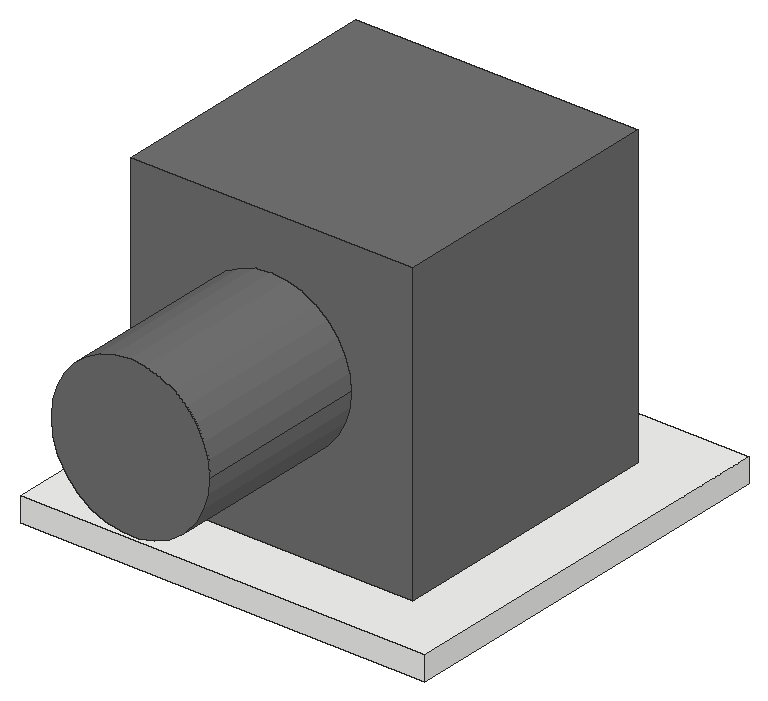
Revit family "vd-10_23zvc6_zvb6_60Hz", category 機械設備, Revit 2019
Family settings
  丸型コネクタ寸法 = 直径を使用
  パーツ タイプ = 標準
  OmniClass 番号 = 23.75.35.17.27
  OmniClass タイトル = Centrifugal Fans
  作業面ベース = いいえ
  常に垂直 = はい
  ロード時にボイドで切り取り = いいえ
  共有 = いいえ
  部屋計算ポイント = はい
Parameters (values of type "VD-10ZVC6")
  騒音レベル(dB(A)) [instance] = 23.5
  風量 [instance] = 100.0 m³/h
  電源種別 [instance] = ""
  電圧 = 100 V
  電動機出力 = 0 W
  電動機_種別 [instance] = ""
  運転質量 = 0.00 kg
  連動 [instance] = ""
  質量 = if(製品質量 > 運転質量, 製品質量, 運転質量) * 1.2  # 1.68 kg
  負荷分類 = 3_ファン類
  説明 = "ダクト用換気扇 低騒音形 24時間換気機能付 定風量タイプ"
  設計風量 [instance] = 0.0 m³/h
  設置方法 = "天埋"
  記号 [instance] = ""
  製造元 = "三菱電機株式会社"
  製品質量 = 1.40 kg
  製品出荷対象 = "国内"
  製品リリース年月 = "2022年6月1日"
  製品グループ = ""
  羽根径 = "∅100"
  系統 [instance] = ""
  符号 [instance] = if(☑給気／□排気, "FS", "FE")  # "FE"
  積算_科目 = "2 換気設備"
  積算_拾い区分 [instance] = ""
  相 = 1
  盤記号 [instance] = ""
  発停方法 [instance] = ""
  特殊仕様 [instance] = ""
  火災停止 [instance] = ""
  消費電力 = 2.6 W
  法定耐用年数 = "15"
  機外静圧 [instance] = 90.0 Pa
  極数 = 2
  材質 [instance] = ""
  操作・制御方式 = ""
  操作・制御スイッチ = ""
  排気量 [instance] = if(☑給気／□排気, 0.0 m³/h, 設計風量)  # 0.0 m³/h
  形式 = "天井埋込ダクト形"
  幹線記号 [instance] = ""
  対象室 [instance] = ""
  実風量 [instance] = 0.0 m³/h
  始動方式 [instance] = "直入"
  外気量 [instance] = if(☑給気／□排気, 設計風量, 0.0 m³/h)  # 0.0 m³/h
  呼称 = "天井扇"
  周波数 = 60 Hz
  参照している仕様書等のバージョン = ""
  分類コード = "50052503100030"
  分類グループ = ""
  価格 = 26000
  企業コード = "108420"
  付属品_防振装置 = ""
  付属品 [instance] = ""
  仕様書バージョン = "Version1.0"
  モデル = "VD-10ZVC6"
  マテリアル = 合成樹脂(黒)
  ファンの種類 = ""
  ダクト径 = 100 mm
  コメント [instance] = ""
  Keynote = ""
  カバーマテリアル = 合成樹脂(白)
  ☑給気／□排気 [instance] = no
  Width = 174 mm
  W1 = 250 mm
  Version = ""
  Uniclass2015Version = "Systems v1.9"
  Uniclass2015Title = "Centrifugal fans"
  Uniclass2015Code = "Pr_65_67_29_12"
  URL = "https://www.mitsubishielectric.co.jp/ldg/wink/ssl/displayProduct.do?pid=320864"
  SpecificationReference = ""
  SpecificationDescription = ""
  Revision = ""
  ProductInformation = ""
  OmniClassCode = "23-33 31 19 11 15"
  OAサイズ_D = 0 mm
  MIN風量 = 60.0 m³/h
  MIN静圧 = 50.0 Pa
  MID風量 = 0.0 m³/h
  MID静圧 = 0.0 Pa
  MAX風量 = 100.0 m³/h
  MAX静圧 = 90.0 Pa
  IfcTypeProduct = ""
  IfcProduct = ""
  IfcExportType = "PROPELLORAXIAL"
  IfcExportAs = "IfcFanType"
  Height = 184 mm
  H1 = 15 mm
  EAサイズ_D = 98 mm
  Duct_Depth = 109 mm
  Duct_Center = 0 mm
  Depth = 174 mm
  D2 = 102 mm
  D1 = 250 mm
  Author = "三菱電機株式会社"
Types (4, lengths in mm): name | 騒音レベル(dB(A)) | 風量 | 質量 | 製品質量 | 羽根径 | 消費電力 | 機外静圧 | 価格 | モデル | マテリアル | URL | MIN風量 | MIN静圧 | MAX風量 | MAX静圧
  VD-10ZVC6 | 23.5 | 100.0 m³/h | 1.68 kg | 1.40 kg | "∅100" | 2.6 W | 90.0 Pa | 26000 | "VD-10ZVC6" | 合成樹脂(黒) | "https://www.mitsubishielectric.co.jp/ldg/wink/ssl/displayProduct.do?pid=320864" | 60.0 m³/h | 50.0 Pa | 100.0 m³/h | 90.0 Pa
  VD-13ZVC6 | 27.5 | 120.0 m³/h | 1.92 kg | 1.60 kg | "∅115" | 3.3 W | 78.0 Pa | 29600 | "VD-13ZVC6" | 合成樹脂(黒) | "https://www.mitsubishielectric.co.jp/ldg/wink/ssl/displayProduct.do?pid=320708" | 75.0 m³/h | 57.0 Pa | 120.0 m³/h | 78.0 Pa
  VD-15ZVC6 | 28 | 160.0 m³/h | 2.88 kg | 2.40 kg | "∅140" | 5 W | 130.0 Pa | 40300 | "VD-15ZVC6" | 合成樹脂(黒) | "https://www.mitsubishielectric.co.jp/ldg/wink/ssl/displayProduct.do?pid=320664" | 85.0 m³/h | 80.0 Pa | 160.0 m³/h | 130.0 Pa
  VD-23ZVB6 | 39.5 | 480.0 m³/h | 8.40 kg | 7.00 kg | "∅230" | 22 W | 150.0 Pa | 92900 | "VD-23ZVB6" | 溶融亜鉛めっき鋼板 | "https://www.mitsubishielectric.co.jp/ldg/wink/ssl/displayProduct.do?pid=320940" | 280.0 m³/h | 150.0 Pa | 480.0 m³/h | 150.0 Pa
Reference planes
  plane 1 "中心(正面/背面)": y = 0
  plane 2: z = 0
  plane 3 "中心(左/右)": x = 0
  plane 4: x = -125
  plane 5: x = 125
  plane 6: y = 125
  plane 7: y = -125
  plane 8: x = -87
  plane 9: x = 87
  plane 10: y = 87
  plane 11: y = -87
  plane 12: y = -196
  plane 13: z = 184
  plane 14: z = -15
  plane 15: z = 102
  plane 16: x = 0
Forms (mm)
  Extrusion 1, solid, material "合成樹脂(黒)" <- "マテリアル", detail levels fine
    sketch origin (0, 0, 0) x (1, 0, 0) y (0, 1, 0)
      loop
        line (-87, 87) -> (-87, -87) -> (87, -87) -> (87, 87) -> (-87, 87)
    from 0 to 184
  Extrusion 2, solid, material "合成樹脂(白)" <- "カバーマテリアル", detail levels fine
    sketch origin (0, 0, 0) x (1, 0, 0) y (0, 1, 0)
      loop
        line (-125, 125) -> (-125, -125) -> (125, -125) -> (125, 125) -> (-125, 125)
    from 0 to -15
  Extrusion 3, solid, material "合成樹脂(黒)" <- "マテリアル", detail levels fine
    sketch origin (0, 0, 0) x (1, 0, 0) y (0, 0, 1)
      loop
        circle (0, 102) r 49
    from 87 to 196
Dimensions and locks
  equal spacing: plane 4, plane 3 "中心(左/右)", plane 5
  "W1": plane 4 to plane 5
  equal spacing: plane 6, plane 1 "中心(正面/背面)", plane 7
  "D1": plane 6 to plane 7
  equal spacing: plane 8, plane 3 "中心(左/右)", plane 9
  "Width": plane 8 to plane 9
  equal spacing: plane 10, plane 1 "中心(正面/背面)", plane 11
  "Depth": plane 10 to plane 11
  "Duct_Depth": plane 11 to plane 12
  "Height": plane 13 to plane 2
  "D2": plane 15 to plane 2
  "H1": plane 2 to plane 14
  "Duct_Center": plane 3 "中心(左/右)" to plane 16
  "EAサイズ_D": diameter of Extrusion 3 sketch curve
  aligned and locked: level to plane 2
  aligned and locked: plane 5 to Extrusion 2
  aligned and locked: plane 6 to Extrusion 2
  aligned and locked: Extrusion 2 to plane 4
  aligned and locked: Extrusion 2 to plane 7
  aligned and locked: plane 9 to Extrusion 1
  aligned and locked: Extrusion 1 to plane 11
  aligned and locked: Extrusion 1 to plane 8
  aligned and locked: plane 10 to Extrusion 1
  aligned and locked: plane 13 to Extrusion 1
  aligned and locked: Extrusion 2 to plane 14
  aligned and locked: level to Extrusion 2
  aligned and locked: Extrusion 1 to level
  aligned and locked: Extrusion 3 to plane 12
  aligned and locked: plane 11 to Extrusion 3
Automatic sketch dimensions
  Extrusion 1 sketch curve to plane 3 "中心(左/右)" = 87 mm
  plane 3 "中心(左/右)" to Extrusion 1 sketch curve = 87 mm
  Extrusion 2 sketch curve to plane 3 "中心(左/右)" = 125 mm
  plane 3 "中心(左/右)" to Extrusion 2 sketch curve = 125 mm
  plane 1 "中心(正面/背面)" to Extrusion 1 sketch curve = 87 mm
  Extrusion 1 sketch curve to plane 1 "中心(正面/背面)" = 87 mm
  plane 1 "中心(正面/背面)" to Extrusion 2 sketch curve = 125 mm
  Extrusion 2 sketch curve to plane 1 "中心(正面/背面)" = 125 mm
  Extrusion 3 sketch curve to plane 15 = 0 mm
  Extrusion 3 sketch curve to plane 16 = 0 mm
Nested families
  nested 1: "記号_天井換気扇_平面" at (0, 0, 0), type "記号_天井換気扇_平面", detail levels coarse+medium
Connectors
  hvac at (0, -196, 102), driven by "ダクト径", driven by "風量", driven by "機外静圧"
    settings: on Extrusion 3, index 1, duct flow 100.0 m³/h, flow factor 0, pres drop 90.0 Pa, loss coef 0, conn angle 0.00°, conn width 304.8 mm, conn height 304.8 mm, conn diameter 100 mm, duct sys type 3, conn prof type 0, flow config 0, flow direction 2, loss method 4, conn ref index -1, conn util no, is conn primary yes, conn desc ""
  electrical at (0, 0, 0), driven by "相", driven by "負荷分類", driven by "電圧", driven by "消費電力"
    settings: on Extrusion 1, index 2, voltage 100 V, apparent load 2.6 VA, apparent load phase1 0 VA, apparent load phase2 0 VA, apparent load phase3 0 VA, power factor 1, load classification "3_ファン類", number of poles 1, system type 30, power factor state 1, is connector primary yes, connector utility no, sub classification motor no, connector description ""
Definition of nested family "記号_天井換気扇_平面"
  Reference planes
    plane 1: y = 0
    plane 2: x = 0
  Lines and regions (mm)
    detail lines
      curve 1: line (-2.5, 2.5, 0) -> (2.5, 2.5, 0)
      curve 2: line (-2.5, -2.5, 0) -> (-2.5, 2.5, 0)
      curve 3: line (2.5, -2.5, 0) -> (-2.5, -2.5, 0)
      curve 4: line (2.5, 2.5, 0) -> (2.5, -2.5, 0)
      curve 5: circle (-1.04, -1.04, 0) r 1.46 normal (0, 0, 1)
      curve 6: circle (1.04, 1.04, 0) r 1.46 normal (0, 0, 1)
      curve 7: line (-3.125, 3.125, 0) -> (3.125, 3.125, 0)
      curve 8: line (-3.125, -3.125, 0) -> (-3.125, 3.125, 0)
      curve 9: line (3.125, -3.125, 0) -> (-3.125, -3.125, 0)
      curve 10: line (3.125, 3.125, 0) -> (3.125, -3.125, 0)
      curve 11: circle (1.295, 1.295, 0) r 1.83 normal (0, 0, 1)
      curve 12: circle (-1.295, -1.295, 0) r 1.83 normal (0, 0, 1)
      curve 13: line (-2, 2, 0) -> (2, 2, 0)
      curve 14: line (-2, -2, 0) -> (-2, 2, 0)
      curve 15: line (2, -2, 0) -> (-2, -2, 0)
      curve 16: line (2, 2, 0) -> (2, -2, 0)
      curve 17: circle (0.84, 0.84, 0) r 1.16 normal (0, 0, 1)
      curve 18: circle (-0.84, -0.84, 0) r 1.2 normal (0, 0, 1)
